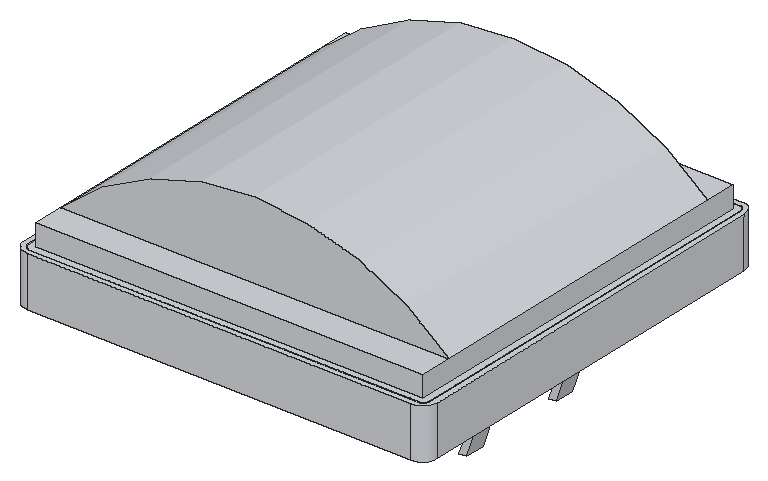
Revit family "Gira_537403", category Electrical Fixtures, host Face, Revit 2017
Family settings
  Host = Face
  Maintain Annotation Orientation = Yes
  Round Connector Dimension = Use Diameter
  Part Type = Normal
  Cut with Voids When Loaded = No
  Shared = No
  Room Calculation Point = No
Parameters (values of type "S3000 Beweg.m.aufs. 1,10 m Komfort BT System 55 Reinweiß")
  Werkstoffgüte = "sonstige"
  Werkstoff = "sonstige"
  Vernetzbar = "Yes"
  Unterkriechschutz/Rückfeldüberwachung = "No"
  URL = "http://katalog.gira.de/de_DE/datenblatt.html?artikelnr=537403"
  Treppenhausüberwachung = "Yes"
  Tierschneise = "Yes"
  Teach-Funktion für Ansprechhelligkeit = "No"
  Region = "DE"
  RAL-Nummer (ähnlich) = "9010 "
  Name = "S3000 Beweg.m.aufs. 1,10 m Komfort BT System 55 Reinweiß"
  Montagehöhe = "1,1 m"
  Montageart = "unter Putz"
  Min. Einschaltdauer = "10 s"
  Max. Reichweite zu einer Seite = "6 m"
  Max. Reichweite frontal = "10 m"
  Max. Einschaltdauer = "1800 s"
  Manufacturer URL = "https://www.gira.de/"
  Konstantlichtregelung = "No"
  Keynote = "Bewegungsmelder_1,10m"
  HeinzeBIM = "https://bimportal.heinze.de/bim/s3000-beweg-m-aufs-1-10-m-komfort-bt-system-55-reinweiss/6b37611631122623852094ca7483f9fb4ec682af"
  Halogenfrei = "Yes"
  HLK-Ansteuerung = "No"
  HAN = "537403"
  Geeignet für drahtlose Übertragung = "No"
  Geeignet für Schutzart (IP) = "IP20"
  GTIN = "4010337048459"
  Farbe = "weiß"
  Erfassungswinkel horizontal = "1 - 180"
  Default Elevation = 1219.2 mm
  Data sheet (1) = "https://katalog.gira.de/de_DE/download.html?artikelnr=537403"
  Category = "Bewegungsmelder-Sensor"
  Available = "Yes"
  Ausführung = "Bewegungsmelder"
  Ansprechhelligkeit einstellbar = "No"
  Ansprechempfindlichkeit einstellbar = "Yes"
  Abdimmfunktion mit Dimmeinsatz = "No"
Reference planes
  plane 1 "Center (Front/Back)": y = 0
  plane 2: z = 0
  plane 3 "Center (Left/Right)": x = 0
Forms (mm)
  Extrusion 1, solid, detail levels fine
    sketch origin (0, 0, 0) x (1, 0, 0) y (0, 0, 1)
      loop
        line (-33.025, 12.126) -> (33.025, 12.126)
        arc (33.025, 12.126) -> (0, 25.3) -> (-33.025, 12.126) r 47.982
    from -27.6 to 27.6
  Extrusion 2, solid, detail levels fine
    sketch origin (0, 0, 0) x (1, 0, 0) y (0, 1, 0)
      loop
        line (33.025, 33.025) -> (-33.025, 33.025) -> (-33.025, -33.025) -> (33.025, -33.025) -> (33.025, 33.025)
    from 8.55 to 12.126
  Extrusion 3, solid, detail levels fine
    sketch origin (0, 0, 0) x (1, 0, 0) y (0, 1, 0)
      loop
        spline (-32.7, 35.2) -> (-33.027, 35.179) -> (-33.347, 35.115) -> (-33.657, 35.01) -> (-33.95, 34.865) -> (-34.222, 34.683) -> (-34.468, 34.468) -> (-34.683, 34.222) -> (-34.865, 33.95) -> (-35.01, 33.657) -> (-35.115, 33.347) -> (-35.179, 33.027) -> (-35.2, 32.7)
        line (-35.2, 32.7) -> (-35.2, -32.7)
        spline (-35.2, -32.7) -> (-35.179, -33.027) -> (-35.115, -33.347) -> (-35.01, -33.657) -> (-34.865, -33.95) -> (-34.683, -34.222) -> (-34.468, -34.468) -> (-34.222, -34.683) -> (-33.95, -34.865) -> (-33.657, -35.01) -> (-33.347, -35.115) -> (-33.027, -35.179) -> (-32.7, -35.2)
        line (-32.7, -35.2) -> (32.7, -35.2)
        spline (32.7, -35.2) -> (33.027, -35.179) -> (33.347, -35.115) -> (33.657, -35.01) -> (33.95, -34.865) -> (34.222, -34.683) -> (34.468, -34.468) -> (34.683, -34.222) -> (34.865, -33.95) -> (35.01, -33.657) -> (35.115, -33.347) -> (35.179, -33.027) -> (35.2, -32.7)
        line (35.2, -32.7) -> (35.2, 32.7)
        spline (35.2, 32.7) -> (35.179, 33.027) -> (35.115, 33.347) -> (35.01, 33.657) -> (34.865, 33.95) -> (34.683, 34.222) -> (34.468, 34.468) -> (34.222, 34.683) -> (33.95, 34.865) -> (33.657, 35.01) -> (33.347, 35.115) -> (33.027, 35.179) -> (32.7, 35.2)
        line (32.7, 35.2) -> (-32.7, 35.2)
      loop
        line (-34.2, 33.2) -> (-34.2, -33.2)
        spline (-34.2, -33.2) -> (-34.191, -33.331) -> (-34.166, -33.459) -> (-34.124, -33.583) -> (-34.066, -33.7) -> (-33.993, -33.809) -> (-33.907, -33.907) -> (-33.809, -33.993) -> (-33.7, -34.066) -> (-33.583, -34.124) -> (-33.459, -34.166) -> (-33.331, -34.191) -> (-33.2, -34.2)
        line (-33.2, -34.2) -> (33.2, -34.2)
        spline (33.2, -34.2) -> (33.331, -34.191) -> (33.459, -34.166) -> (33.583, -34.124) -> (33.7, -34.066) -> (33.809, -33.993) -> (33.907, -33.907) -> (33.993, -33.809) -> (34.066, -33.7) -> (34.124, -33.583) -> (34.166, -33.459) -> (34.191, -33.331) -> (34.2, -33.2)
        line (34.2, -33.2) -> (34.2, 33.2)
        spline (34.2, 33.2) -> (34.191, 33.331) -> (34.166, 33.459) -> (34.124, 33.583) -> (34.066, 33.7) -> (33.993, 33.809) -> (33.907, 33.907) -> (33.809, 33.993) -> (33.7, 34.066) -> (33.583, 34.124) -> (33.459, 34.166) -> (33.331, 34.191) -> (33.2, 34.2)
        line (33.2, 34.2) -> (-33.2, 34.2)
        spline (-33.2, 34.2) -> (-33.331, 34.191) -> (-33.459, 34.166) -> (-33.583, 34.124) -> (-33.7, 34.066) -> (-33.809, 33.993) -> (-33.907, 33.907) -> (-33.993, 33.809) -> (-34.066, 33.7) -> (-34.124, 33.583) -> (-34.166, 33.459) -> (-34.191, 33.331) -> (-34.2, 33.2)
    from 0 to 8.55
  Extrusion 4, solid, detail levels fine
    sketch origin (0, 0, 0) x (1, 0, 0) y (0, 1, 0)
      loop
        line (-34.2, 33.2) -> (-34.2, -33.2)
        spline (-34.2, -33.2) -> (-34.191, -33.331) -> (-34.166, -33.459) -> (-34.124, -33.583) -> (-34.066, -33.7) -> (-33.993, -33.809) -> (-33.907, -33.907) -> (-33.809, -33.993) -> (-33.7, -34.066) -> (-33.583, -34.124) -> (-33.459, -34.166) -> (-33.331, -34.191) -> (-33.2, -34.2)
        line (-33.2, -34.2) -> (33.2, -34.2)
        spline (33.2, -34.2) -> (33.331, -34.191) -> (33.459, -34.166) -> (33.583, -34.124) -> (33.7, -34.066) -> (33.809, -33.993) -> (33.907, -33.907) -> (33.993, -33.809) -> (34.066, -33.7) -> (34.124, -33.583) -> (34.166, -33.459) -> (34.191, -33.331) -> (34.2, -33.2)
        line (34.2, -33.2) -> (34.2, 33.2)
        spline (34.2, 33.2) -> (34.191, 33.331) -> (34.166, 33.459) -> (34.124, 33.583) -> (34.066, 33.7) -> (33.993, 33.809) -> (33.907, 33.907) -> (33.809, 33.993) -> (33.7, 34.066) -> (33.583, 34.124) -> (33.459, 34.166) -> (33.331, 34.191) -> (33.2, 34.2)
        line (33.2, 34.2) -> (-33.2, 34.2)
        spline (-33.2, 34.2) -> (-33.331, 34.191) -> (-33.459, 34.166) -> (-33.583, 34.124) -> (-33.7, 34.066) -> (-33.809, 33.993) -> (-33.907, 33.907) -> (-33.993, 33.809) -> (-34.066, 33.7) -> (-34.124, 33.583) -> (-34.166, 33.459) -> (-34.191, 33.331) -> (-34.2, 33.2)
    from 6.175 to 8.55
  Extrusion 5, solid, detail levels fine
    sketch origin (0, 0, 0) x (1, 0, 0) y (0, 1, 0)
      loop
        spline (-27.7, -27.1) -> (-27.696, -27.165) -> (-27.683, -27.229) -> (-27.662, -27.291) -> (-27.633, -27.35) -> (-27.597, -27.404) -> (-27.554, -27.454) -> (-27.504, -27.497) -> (-27.45, -27.533) -> (-27.391, -27.562) -> (-27.329, -27.583) -> (-27.265, -27.596) -> (-27.2, -27.6)
        line (-27.2, -27.6) -> (27.2, -27.6)
        spline (27.2, -27.6) -> (27.265, -27.596) -> (27.329, -27.583) -> (27.391, -27.562) -> (27.45, -27.533) -> (27.504, -27.497) -> (27.554, -27.454) -> (27.597, -27.404) -> (27.633, -27.35) -> (27.662, -27.291) -> (27.683, -27.229) -> (27.696, -27.165) -> (27.7, -27.1)
        line (27.7, -27.1) -> (27.7, 27.1)
        spline (27.7, 27.1) -> (27.696, 27.165) -> (27.683, 27.229) -> (27.662, 27.291) -> (27.633, 27.35) -> (27.597, 27.404) -> (27.554, 27.454) -> (27.504, 27.497) -> (27.45, 27.533) -> (27.391, 27.562) -> (27.329, 27.583) -> (27.265, 27.596) -> (27.2, 27.6)
        line (27.2, 27.6) -> (-27.2, 27.6)
        spline (-27.2, 27.6) -> (-27.265, 27.596) -> (-27.329, 27.583) -> (-27.391, 27.562) -> (-27.45, 27.533) -> (-27.504, 27.497) -> (-27.554, 27.454) -> (-27.597, 27.404) -> (-27.633, 27.35) -> (-27.662, 27.291) -> (-27.683, 27.229) -> (-27.696, 27.165) -> (-27.7, 27.1)
        line (-27.7, 27.1) -> (-27.7, -27.1)
      loop
        line (26.9, 26.8) -> (-26.9, 26.8) -> (-26.9, -26.8) -> (26.9, -26.8) -> (26.9, 26.8)
    from 0 to 6.175
  Extrusion 6, solid, detail levels fine
    sketch origin (0, 0, 0) x (1, 0, 0) y (0, 1, 0)
      loop
        line (-15.4, -23.928) -> (15.4, -23.928)
        arc (15.4, -23.928) -> (21.43, -21.43) -> (23.928, -15.4) r 8.528
        line (23.928, -15.4) -> (23.928, 15.4)
        arc (23.928, 15.4) -> (21.43, 21.43) -> (15.4, 23.928) r 8.528
        line (15.4, 23.928) -> (-15.4, 23.928)
        arc (-15.4, 23.928) -> (-21.43, 21.43) -> (-23.928, 15.4) r 8.528
        line (-23.928, 15.4) -> (-23.928, -15.4)
        arc (-23.928, -15.4) -> (-21.43, -21.43) -> (-15.4, -23.928) r 8.528
    from -0.985 to 1.6
  Extrusion 7, solid, detail levels fine
    sketch origin (0, 0, 0) x (1, 0, 0) y (0, 1, 0)
      loop
        line (-26.35, 18.301) -> (-26.35, -18.801)
        spline (-26.35, -18.801) -> (-26.286, -19.78) -> (-26.095, -20.742) -> (-25.779, -21.671) -> (-25.345, -22.551) -> (-24.8, -23.366) -> (-24.154, -24.104) -> (-23.416, -24.75) -> (-22.601, -25.295) -> (-21.721, -25.729) -> (-20.792, -26.045) -> (-19.83, -26.236) -> (-18.851, -26.3)
        line (-18.851, -26.3) -> (18.851, -26.3)
        spline (18.851, -26.3) -> (19.83, -26.236) -> (20.792, -26.045) -> (21.721, -25.729) -> (22.601, -25.295) -> (23.416, -24.75) -> (24.154, -24.104) -> (24.8, -23.366) -> (25.345, -22.551) -> (25.779, -21.671) -> (26.094, -20.742) -> (26.286, -19.78) -> (26.35, -18.801)
        line (26.35, -18.801) -> (26.35, 18.301)
        spline (26.35, 18.301) -> (26.286, 19.28) -> (26.094, 20.242) -> (25.779, 21.171) -> (25.345, 22.051) -> (24.8, 22.866) -> (24.154, 23.604) -> (23.416, 24.25) -> (22.601, 24.795) -> (21.721, 25.229) -> (20.792, 25.545) -> (19.83, 25.736) -> (18.851, 25.8)
        line (18.851, 25.8) -> (-18.851, 25.8)
        spline (-18.851, 25.8) -> (-19.83, 25.736) -> (-20.792, 25.545) -> (-21.721, 25.229) -> (-22.601, 24.795) -> (-23.416, 24.25) -> (-24.154, 23.604) -> (-24.8, 22.866) -> (-25.345, 22.051) -> (-25.779, 21.171) -> (-26.095, 20.242) -> (-26.286, 19.28) -> (-26.35, 18.301)
    from 1.6 to 6.1
  Extrusion 8, solid, detail levels fine
    sketch origin (0, 0, 0) x (1, 0, 0) y (0, 0, 1)
      loop
        line (-23.048, -13.343) -> (-21.665, -13.513) -> (-24.338, -6.363) -> (-23.36, 1.6) -> (-25.023, 1.6) -> (-24.975, -1.121) -> (-25.39, -6.541) -> (-23.048, -13.343)
      loop
        line (23.048, -13.343) -> (25.39, -6.541) -> (24.975, -1.121) -> (25.023, 1.6) -> (23.36, 1.6) -> (24.338, -6.363) -> (21.665, -13.513) -> (23.048, -13.343)
    from 7.9 to 11.14
  Extrusion 9, solid, detail levels fine
    sketch origin (0, 0, 0) x (1, 0, 0) y (0, 0, -1)
      loop
        line (-23.048, 13.343) -> (-25.39, 6.541) -> (-24.975, 1.121) -> (-25.023, -1.6) -> (-23.36, -1.6) -> (-24.338, 6.363) -> (-21.665, 13.513) -> (-23.048, 13.343)
      loop
        line (23.048, 13.343) -> (21.665, 13.513) -> (24.338, 6.363) -> (23.36, -1.6) -> (25.023, -1.6) -> (24.975, 1.121) -> (25.39, 6.541) -> (23.048, 13.343)
    from 7.9 to 11.14
  Extrusion 10, solid, detail levels fine
    sketch origin (0, 0, 0) x (1, 0, 0) y (0, 1, 0)
      loop
        line (-5.141, 20.681) -> (-5.141, 15.099)
        spline (-5.141, 15.099) -> (-5.133, 14.968) -> (-5.107, 14.84) -> (-5.065, 14.716) -> (-5.007, 14.599) -> (-4.935, 14.49) -> (-4.849, 14.391) -> (-4.75, 14.305) -> (-4.641, 14.233) -> (-4.524, 14.175) -> (-4.4, 14.133) -> (-4.272, 14.107) -> (-4.141, 14.099)
        line (-4.141, 14.099) -> (4.141, 14.099)
        spline (4.141, 14.099) -> (4.272, 14.107) -> (4.4, 14.133) -> (4.524, 14.175) -> (4.641, 14.233) -> (4.75, 14.305) -> (4.849, 14.391) -> (4.935, 14.49) -> (5.007, 14.599) -> (5.065, 14.716) -> (5.107, 14.84) -> (5.133, 14.968) -> (5.141, 15.099)
        line (5.141, 15.099) -> (5.141, 20.681)
        spline (5.141, 20.681) -> (5.133, 20.812) -> (5.107, 20.94) -> (5.065, 21.064) -> (5.007, 21.181) -> (4.935, 21.29) -> (4.849, 21.389) -> (4.75, 21.475) -> (4.641, 21.547) -> (4.524, 21.605) -> (4.4, 21.647) -> (4.272, 21.673) -> (4.141, 21.681)
        line (4.141, 21.681) -> (-4.141, 21.681)
        spline (-4.141, 21.681) -> (-4.272, 21.673) -> (-4.4, 21.647) -> (-4.524, 21.605) -> (-4.641, 21.547) -> (-4.75, 21.475) -> (-4.849, 21.389) -> (-4.935, 21.29) -> (-5.007, 21.181) -> (-5.065, 21.064) -> (-5.107, 20.94) -> (-5.133, 20.812) -> (-5.141, 20.681)
    from -17.3 to -0.985
  Extrusion 11, solid, detail levels medium
    sketch origin (0, 0, 0) x (1, 0, 0) y (0, 1, 0)
      loop
        line (33.025, 33.025) -> (-33.025, 33.025) -> (-33.025, -33.025) -> (33.025, -33.025) -> (33.025, 33.025)
    from 8.55 to 25.3
  Extrusion 12, solid, detail levels medium
    sketch origin (0, 0, 0) x (1, 0, 0) y (0, 1, 0)
      loop
        line (-35.2, 35.2) -> (-35.2, -35.2) -> (35.2, -35.2) -> (35.2, 35.2) -> (-35.2, 35.2)
    from 0 to 8.55
  Extrusion 13, solid, detail levels medium
    sketch origin (0, 0, 0) x (1, 0, 0) y (0, 0, 1)
      loop
        line (-25.023, 1.6) -> (-25.023, -13.1) -> (-21.665, -13.513) -> (-21.665, 1.6) -> (-25.023, 1.6)
      loop
        line (25.023, 1.6) -> (21.665, 1.6) -> (21.665, -13.513) -> (25.023, -13.1) -> (25.023, 1.6)
    from 8 to 11.14
  Extrusion 14, solid, detail levels medium
    sketch origin (0, 0, 0) x (1, 0, 0) y (0, 0, -1)
      loop
        line (-25.023, -1.6) -> (-21.665, -1.6) -> (-21.665, 13.513) -> (-25.023, 13.1) -> (-25.023, -1.6)
      loop
        line (25.023, -1.6) -> (25.023, 13.1) -> (21.665, 13.513) -> (21.665, -1.6) -> (25.023, -1.6)
    from 8 to 11.14
  Extrusion 15, solid, detail levels medium
    sketch origin (0, 0, 0) x (1, 0, 0) y (0, 1, 0)
      loop
        line (-5.141, 21.681) -> (-5.141, 14.099) -> (5.141, 14.099) -> (5.141, 21.681) -> (-5.141, 21.681)
    from -17.3 to -0.985
  Extrusion 16, solid, detail levels coarse
    sketch origin (0, 0, 0) x (1, 0, 0) y (0, 1, 0)
      loop
        line (-35.2, 35.2) -> (-35.2, -35.2) -> (35.2, -35.2) -> (35.2, 35.2) -> (-35.2, 35.2)
    from -17.3 to 25.3
Dimensions and locks
  aligned and locked: plane 2 to host face
  aligned and locked: level to host face
  aligned and locked: nested 1 to plane 3 "Center (Left/Right)"
  aligned and locked: plane 1 "Center (Front/Back)" to nested 1
Nested families
  nested 1: "Belegungssensor - Bewegung - Aufputz - Beschriftung" at (0, 0, 0) x (0, -1, 0) z (0, 0, 1), type "Belegungssensor - Bewegung - Aufputz - Beschriftung"
Connectors
  electrical at (0, 0, -17.3)
    settings: on Extrusion 16, index 1, voltage 220 V, apparent load 0 VA, apparent load phase1 0 VA, apparent load phase2 0 VA, apparent load phase3 0 VA, power factor 1, load classification "Other", number of poles 1, system type 30, power factor state 1, is connector primary yes, connector utility no, sub classification motor no, connector description ""
Definition of nested family "Belegungssensor - Bewegung - Aufputz - Beschriftung"
  Reference planes
    plane 1: y = 0
    plane 2: x = 0
  Lines and regions (mm)
    Filled region 1, type "Gefüllter Bereich 1"
      outline origin (143.425, -20.712, 0) x (1, 0, 0) y (0, 1, 0)
        loop
          line (-148.697, 21.204) -> (-148.697, 20.409) -> (-147.583, 20.807) -> (-148.697, 21.204)
    Filled region 2, type "Gefüllter Bereich 1"
      outline origin (141.808, 30.001, 0) x (0.939693, 0.34202, 0) y (-0.34202, 0.939693, 0)
        loop
          line (-148.694, 21.203) -> (-148.694, 20.41) -> (-147.583, 20.807) -> (-148.694, 21.203)
    Filled region 3, type "Gefüllter Bereich 1"
      outline origin (141.819, -29.825, 0) x (-0.34202, -0.939693, 0) y (0.939693, -0.34202, 0)
        loop
          line (21.204, -148.697) -> (20.807, -147.583) -> (20.409, -148.697) -> (21.204, -148.697)
    detail lines
      curve 1: line (-1.207, 0.095, 0) -> (-3.486, 1.411, 0)
      curve 2: line (-1.207, 0.095, 0) -> (-3.486, -1.221, 0)
      curve 5: arc (-3.252, 1.752, 0) -> (-3.839, 0.095, 0) -> (-3.252, -1.562, 0) r 2.632
      curve 6: line (-6, 3, 0) -> (0, 3, 0)
      curve 7: line (-6, -3, 0) -> (-6, 3, 0)
      curve 8: line (0, -3, 0) -> (-6, -3, 0)
      curve 9: line (0, 3, 0) -> (0, -3, 0)
    reference lines
      curve 3: line (-1.207, 0.095, 0) -> (-3.616, 2.046, 0)
      curve 4: line (-1.207, 0.095, 0) -> (-3.616, -1.856, 0)
  Dimensions and locks
    curve 1 to curve 1 = 2.632 mm
    curve 2 to curve 2 = 2.632 mm
    curve 6 to curve 8 = 6 mm
    curve 7 to curve 9 = 6 mm
    angle curve 1 to curve 2 = 60.00°
    aligned and locked: curve 6 to curve 7
    aligned and locked: curve 9 to curve 9
